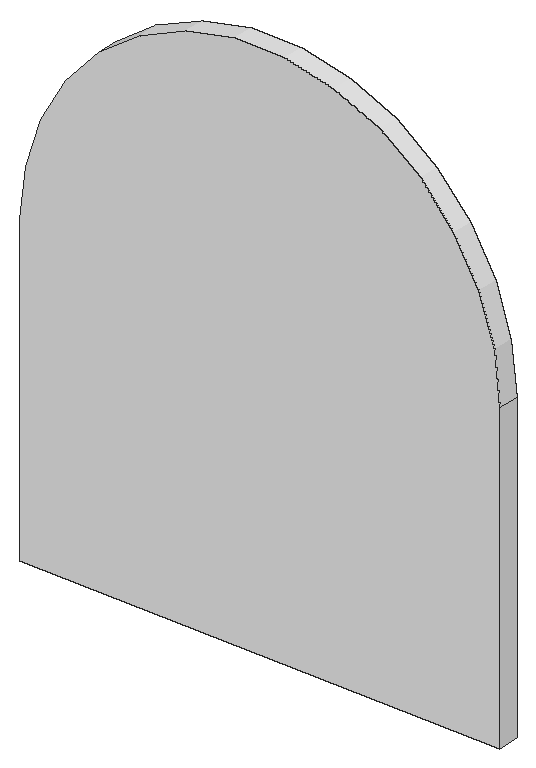
Revit family "Deca_Bacia Sanitária Convencional Link_P.23", category Plumbing Fixtures, host Face, Revit 2012
Parameters (values of type "AP.23_ Branco Gelo GE17")
  Vendido Separadamente = ""
  Variações de COR = " Branco (AP.23.17), Creme (AP.23.37), Ébano (AP.23.95)"
  URL = "www.deca.com.br/produtos"
  Segmento = "Luxo"
  Produto = "Assento Poliester Luxo*** - Fixação Cromada"
  Peso Liquido (Kg) = 3.8
  Norma = "Não se Aplica"
  Criado por = "Contino/quattroD"  # constant formula
  Assento Não = no
  Model = "AP.23.17"
  Material = "Deca_Poliéster e latão cromado"
  Manufacturer = "Deca"
  Louça/Metais = "Louça"
  Linha = "***LK, Omega, Carrara, Nuova, e Duna"
  Informações Complementares = ""
  Description = "Assento Poliester Luxo*** - Fixação Cromada"
  Código = "AP.23.17"
  Atendimento ao Cliente = "0800-0117073"
  Assento 3D = yes
  Assento = Deca GE17 Branco Gelo Poliester
  Assembly Code = "D2010100"
  Aprovado por = "Contino/quattroD"  # constant formula
  Acompanha o Produto = ""
  AP.60 = no
  AP.237 = no
  AP.23.230 = yes
Types (11, lengths in mm): name | Variações de COR | URL | Segmento | Produto | Peso Liquido (Kg) | Norma | Assento Não | Model | Material | Manufacturer | Louça/Metais | Linha | Description | Código | Atendimento ao Cliente | Assento 3D | Assento | Assembly Code | AP.60 | AP.237 | AP.23.230
  AP.60_ Branco Gelo GE17 | " Branco (AP.60.17), Creme (AP.60.37), Ébano (AP.60.95)" | "www.deca.com.br/produtos" | "Luxo" | "Assento Plástico Luxo***" | 1.06 | "Não se Aplica" | no | "AP.60.17" | "Deca_Polipropileno" | "Deca" | "Louça" | "***LK, Omega, Carrara, Nuova, e Duna" | "Assento Plástico Luxo***" | "AP.60.17" | "0800-0117073" | yes | Deca GE17 Branco Gelo Plástico | "D2010100" | yes | no | no
  AP.60_Creme CR37 | " Branco (AP.60.17), Creme (AP.60.37), Ébano (AP.60.95)" | "www.deca.com.br/produtos" | "Luxo" | "Assento Plástico Luxo***" | 1.06 | "Não se Aplica" | no | "AP.60.37" | "Deca_Polipropileno" | "Deca" | "Louça" | "***LK, Omega, Carrara, Nuova, e Duna" | "Assento Plástico Luxo***" | "AP.60.37" | "0800-0117073" | yes | Deca CR37 Creme Plástico | "D2010100" | yes | no | no
  AP.60_Ébano EB95 | "Branco (AP.60.17), Creme (AP.60.37), Ébano (AP.60.95)" | "www.deca.com.br/produtos" | "Luxo" | "Assento Plástico Luxo***" | 1.06 | "Não se Aplica" | no | "AP.60.95" | "Deca_Polipropileno" | "Deca" | "Louça" | "***LK, Omega, Carrara, Nuova, e Duna" | "Assento Plástico Luxo***" | "AP.60.95" | "0800-0117073" | yes | Deca EB95 Ébano Plástico | "D2010100" | yes | no | no
  AP.23_ Branco Gelo GE17 | " Branco (AP.23.17), Creme (AP.23.37), Ébano (AP.23.95)" | "www.deca.com.br/produtos" | "Luxo" | "Assento Poliester Luxo*** - Fixação Cromada" | 3.8 | "Não se Aplica" | no | "AP.23.17" | "Deca_Poliéster e latão cromado" | "Deca" | "Louça" | "***LK, Omega, Carrara, Nuova, e Duna" | "Assento Poliester Luxo*** - Fixação Cromada" | "AP.23.17" | "0800-0117073" | yes | Deca GE17 Branco Gelo Poliester | "D2010100" | no | no | yes
  AP.23_Creme CR37 | " Branco (AP.23.17), Creme (AP.23.37), Ébano (AP.23.95)" | "www.deca.com.br/produtos" | "Luxo" | "Assento Poliester Luxo*** - Fixação Cromada" | 3.8 | "Não se Aplica" | no | "AP.23.37" | "Deca_Poliéster e latão cromado" | "Deca" | "Louça" | "***LK, Omega, Carrara, Nuova, e Duna" | "Assento Poliester Luxo*** - Fixação Cromada" | "AP.23.37" | "0800-0117073" | yes | Deca CR37 Creme Poliester | "D2010100" | no | no | yes
  AP.23_Ébano EB95 | " Branco (AP.23.17), Creme (AP.23.37), Ébano (AP.23.95)" | "www.deca.com.br/produtos" | "Luxo" | "Assento Poliester Luxo*** - Fixação Cromada" | 3.8 | "Não se Aplica" | no | "AP.23.95" | "Deca_Poliéster e latão cromado" | "Deca" | "Louça" | "***LK, Omega, Carrara, Nuova, e Duna" | "Assento Poliester Luxo*** - Fixação Cromada" | "AP.23.95" | "0800-0117073" | yes | Deca EB95 Ébano Poliester | "D2010100" | no | no | yes
  AP.230_Ébano EB95 | " Branco (AP.230.17), Creme (AP.230.37), Ébano (AP.230.95)" | "www.deca.com.br/produtos" | "Luxo" | "Assento Poliester Luxo*** - Fixação Cromada" | 3.8 | "Não se Aplica" | no | "AP.230.95" | "Deca_Poliéster e latão dourado" | "Deca" | "Louça" | "***LK, Omega, Carrara, Nuova, e Duna" | "Assento Poliester Luxo*** - Fixação Dourada" | "AP.230.95" | "0800-0117073" | yes | Deca EB95 Ébano Poliester | "D2010100" | no | no | yes
  AP.230_Creme CR37 | " Branco (AP.230.17), Creme (AP.230.37), Ébano (AP.230.95)" | "www.deca.com.br/produtos" | "Luxo" | "Assento Poliester Luxo*** - Fixação Cromada" | 3.8 | "Não se Aplica" | no | "AP.230.37" | "Deca_Poliéster e latão dourado" | "Deca" | "Louça" | "***LK, Omega, Carrara, Nuova, e Duna" | "Assento Poliester Luxo*** - Fixação Dourada" | "AP.230.37" | "0800-0117073" | yes | Deca CR37 Creme Poliester | "D2010100" | no | no | yes
  AP.230_Branco Gelo GE17 | " Branco (AP.230.17), Creme (AP.230.37), Ébano (AP.230.95)" | "www.deca.com.br/produtos" | "Luxo" | "Assento Poliester Luxo*** - Fixação Cromada" | 3.8 | "Não se Aplica" | no | "AP.230.17" | "Deca_Poliéster e latão dourado" | "Deca" | "Louça" | "***LK, Omega, Carrara, Nuova, e Duna" | "Assento Poliester Luxo*** - Fixação Dourada" | "AP.230.17" | "0800-0117073" | yes | Deca GE17 Branco Gelo Poliester | "D2010100" | no | no | yes
  AP.237_Branco Gelo GE17 | " Branco (AP.237.17)" | "www.deca.com.br/produtos" | "Luxo" | "Assento Poliester Luxo*** - com Slow Close" | 4.4 | "Não se Aplica" | no | "AP.237.17" | "Deca_Poliéster " | "Deca" | "Louça" | "***LK, Omega, Carrara, Nuova, e Duna" | "Assento Poliester Luxo*** -com Slow Close" | "AP.237.17" | "0800-0117073" | yes | Deca GE17 Branco Gelo Poliester | "D2010100" | no | yes | no
  Assento Não | "" | 0 | "" | "" | 0 | "" | yes | "" | "" | 0 | "" | "" | "" | "" | "" | no | none | 0 | no | no | no
Reference planes
  plane 1 "Center (Front/Back)": y = 0
  plane 2: z = 0
  plane 3 "Center (Left/Right)": x = 0
  plane 4: x = 3.125
  plane 5: x = -0.469
  plane 6: x = -0.312
  plane 7: x = -78.312
Forms (mm)
  Extrusion 1, solid, material "Deca GE17 Branco Gelo Poliester" <- "Assento", visible <- "Assento 3D"
    sketch origin (0, -384.219, -161.25) x (1, 0, 0) y (0, 0, 1)
      loop
        line (170, 207.5) -> (170, 423.75)
        arc (170, 423.75) -> (0, 593.75) -> (-170, 423.75) r 170
        line (-170, 423.75) -> (-170, 207.5) -> (170, 207.5)
    from -405 to -390.219
Lines and regions (mm)
  Masking region 1, visible <- "AP.60"
    outline origin (-1148.271, 0, -363.283) x (1, 0, 0) y (0, 0, 1)
      loop
        line (979.741, 629.572) -> (979.737, 391.632)
        arc (979.737, 391.632) -> (982.787, 384.428) -> (990.082, 381.603) r 10.035
        line (990.082, 381.603) -> (997.594, 381.465)
        arc (997.594, 381.465) -> (1013.999, 378.597) -> (1030.505, 376.385) r 418.11
        line (1030.505, 376.385) -> (1053.346, 376.385) -> (1053.346, 349.072)
        arc (1053.346, 349.072) -> (1053.638, 348.365) -> (1054.346, 348.072) r 1
        line (1054.346, 348.072) -> (1084.946, 348.072)
        arc (1084.946, 348.072) -> (1085.653, 348.365) -> (1085.946, 349.072) r 1
        line (1085.946, 349.072) -> (1085.946, 378.472)
        arc (1085.946, 378.472) -> (1085.653, 379.179) -> (1084.946, 379.472) r 1
        line (1084.946, 379.472) -> (1079.146, 379.472) -> (1079.146, 383.283) -> (1143.896, 383.283) -> (1216.146, 383.283) -> (1216.146, 379.472) -> (1210.346, 379.472)
        arc (1210.346, 379.472) -> (1209.638, 379.179) -> (1209.346, 378.472) r 1
        line (1209.346, 378.472) -> (1209.346, 349.072)
        arc (1209.346, 349.072) -> (1209.638, 348.365) -> (1210.346, 348.072) r 1
        line (1210.346, 348.072) -> (1240.946, 348.072)
        arc (1240.946, 348.072) -> (1241.653, 348.365) -> (1241.946, 349.072) r 1
        line (1241.946, 349.072) -> (1241.946, 376.385) -> (1264.786, 376.385)
        arc (1264.786, 376.385) -> (1281.292, 378.597) -> (1297.698, 381.465) r 418.11
        line (1297.698, 381.465) -> (1305.209, 381.603)
        arc (1305.209, 381.603) -> (1312.505, 384.428) -> (1315.554, 391.632) r 10.035
        line (1315.554, 391.632) -> (1315.549, 630.173)
        arc (1315.549, 630.173) -> (1147.345, 797.476) -> (979.741, 629.572) r 167.905
  Masking region 2, visible <- "AP.23.230"
    outline origin (-1527.819, 0, -381.319) x (1, 0, 0) y (0, 0, 1)
      loop
        arc (1354.798, 428.032) -> (1356.26, 424.501) -> (1359.791, 423.038) r 4.994
        line (1359.791, 423.038) -> (1425.298, 423.038) -> (1425.298, 411.575) -> (1423.854, 411.575)
        arc (1423.854, 411.575) -> (1423.348, 411.437) -> (1422.981, 411.063) r 1
        arc (1422.981, 411.063) -> (1422.322, 409.426) -> (1422.098, 407.675) r 6.937
        arc (1422.098, 407.675) -> (1422.322, 405.924) -> (1422.981, 404.286) r 6.937
        arc (1422.981, 404.286) -> (1423.348, 403.912) -> (1423.854, 403.775) r 1
        line (1423.854, 403.775) -> (1425.298, 403.775) -> (1425.298, 401.775)
        arc (1425.298, 401.775) -> (1425.444, 401.421) -> (1425.798, 401.275) r 0.5
        line (1425.798, 401.275) -> (1438.798, 401.275)
        arc (1438.798, 401.275) -> (1439.151, 401.421) -> (1439.298, 401.775) r 0.5
        line (1439.298, 401.775) -> (1439.298, 378.675)
        arc (1439.298, 378.675) -> (1449.304, 368.675) -> (1459.327, 378.688) r 10
        line (1459.327, 378.688) -> (1459.311, 401.774)
        arc (1459.311, 401.774) -> (1459.458, 401.421) -> (1459.811, 401.275) r 0.5
        line (1459.811, 401.275) -> (1472.811, 401.275)
        arc (1472.811, 401.275) -> (1473.165, 401.421) -> (1473.311, 401.775) r 0.5
        line (1473.311, 401.775) -> (1473.311, 403.775) -> (1474.755, 403.775)
        arc (1474.755, 403.775) -> (1475.261, 403.912) -> (1475.627, 404.286) r 1
        arc (1475.627, 404.286) -> (1476.287, 405.924) -> (1476.511, 407.675) r 6.937
        arc (1476.511, 407.675) -> (1476.287, 409.426) -> (1475.627, 411.063) r 6.937
        arc (1475.627, 411.063) -> (1475.261, 411.437) -> (1474.755, 411.575) r 1
        line (1474.755, 411.575) -> (1473.311, 411.575) -> (1473.311, 423.038) -> (1581.388, 423.038) -> (1581.388, 411.575) -> (1579.945, 411.575)
        arc (1579.945, 411.575) -> (1579.439, 411.437) -> (1579.072, 411.063) r 1
        arc (1579.072, 411.063) -> (1578.413, 409.426) -> (1578.188, 407.675) r 6.937
        arc (1578.188, 407.675) -> (1578.413, 405.924) -> (1579.072, 404.286) r 6.937
        arc (1579.072, 404.286) -> (1579.439, 403.912) -> (1579.945, 403.775) r 1
        line (1579.945, 403.775) -> (1581.388, 403.775) -> (1581.388, 401.775)
        arc (1581.388, 401.775) -> (1581.535, 401.421) -> (1581.888, 401.275) r 0.5
        line (1581.888, 401.275) -> (1594.888, 401.275)
        arc (1594.888, 401.275) -> (1595.242, 401.421) -> (1595.404, 401.774) r 0.5
        line (1595.404, 401.774) -> (1595.402, 378.688)
        arc (1595.402, 378.688) -> (1605.395, 368.675) -> (1615.402, 378.675) r 10
        line (1615.402, 378.675) -> (1615.402, 401.775)
        arc (1615.402, 401.775) -> (1615.548, 401.421) -> (1615.902, 401.275) r 0.5
        line (1615.902, 401.275) -> (1628.902, 401.275)
        arc (1628.902, 401.275) -> (1629.256, 401.421) -> (1629.402, 401.775) r 0.5
        line (1629.402, 401.775) -> (1629.402, 403.775) -> (1630.846, 403.775)
        arc (1630.846, 403.775) -> (1631.351, 403.912) -> (1631.718, 404.286) r 1
        arc (1631.718, 404.286) -> (1632.377, 405.924) -> (1632.602, 407.675) r 6.937
        arc (1632.602, 407.675) -> (1632.377, 409.426) -> (1631.718, 411.063) r 6.937
        arc (1631.718, 411.063) -> (1631.351, 411.437) -> (1630.846, 411.575) r 1
        line (1630.846, 411.575) -> (1629.402, 411.575) -> (1629.402, 423.038) -> (1694.908, 423.038)
        arc (1694.908, 423.038) -> (1698.439, 424.501) -> (1699.902, 428.032) r 4.994
        line (1699.902, 428.032) -> (1699.902, 643.038)
        arc (1699.902, 643.038) -> (1527.35, 815.59) -> (1354.798, 643.038) r 172.552
        line (1354.798, 643.038) -> (1354.798, 428.032)
  Masking region 3, visible <- "AP.237"
    outline origin (-2298.464, 0, -383.575) x (1, 0, 0) y (0, 0, 1)
      loop
        line (2126.401, 644.445) -> (2126.401, 431.065)
        arc (2126.401, 431.065) -> (2127.571, 428.24) -> (2130.396, 427.07) r 3.995
        line (2130.396, 427.07) -> (2184.741, 427.07) -> (2184.741, 404.47) -> (2198.741, 404.47) -> (2198.741, 407.472) -> (2200.401, 407.472) -> (2200.401, 385.97)
        arc (2200.401, 385.97) -> (2220.151, 366.22) -> (2239.901, 385.97) r 19.75
        line (2239.901, 385.97) -> (2239.901, 409.072) -> (2242.651, 409.072) -> (2242.651, 406.07)
        arc (2242.651, 406.07) -> (2242.798, 405.716) -> (2243.151, 405.57) r 0.5
        line (2243.151, 405.57) -> (2256.651, 405.57) -> (2256.651, 427.07) -> (2339.651, 427.07) -> (2339.651, 406.07)
        arc (2339.651, 406.07) -> (2339.798, 405.716) -> (2340.151, 405.57) r 0.5
        line (2340.151, 405.57) -> (2352.988, 405.57)
        arc (2352.988, 405.57) -> (2353.421, 405.686) -> (2353.61, 406.092) r 0.53
        line (2353.61, 406.092) -> (2353.61, 408.124) -> (2354.401, 408.124) -> (2354.401, 406.87) -> (2356.401, 406.87) -> (2356.401, 385.97)
        arc (2356.401, 385.97) -> (2376.151, 366.22) -> (2395.901, 385.97) r 19.75
        line (2395.901, 385.97) -> (2395.901, 407.472) -> (2397.561, 407.472) -> (2397.561, 404.47) -> (2411.561, 404.47) -> (2411.561, 427.07) -> (2465.906, 427.07)
        arc (2465.906, 427.07) -> (2468.731, 428.24) -> (2469.901, 431.065) r 3.995
        line (2469.901, 431.065) -> (2469.901, 644.445)
        arc (2469.901, 644.445) -> (2419.597, 765.891) -> (2298.151, 816.195) r 171.75
        arc (2298.151, 816.195) -> (2176.706, 765.891) -> (2126.401, 644.445) r 171.75
  Masking region 4, visible <- "AP.60"
    outline origin (531.21, -419.36, 0) x (1, 0, 0) y (0, 1, 0)
      loop
        arc (-364.387, 425.36) -> (-363.618, 425.678) -> (-363.3, 426.447) r 1.087
        line (-363.3, 426.447) -> (-364.35, 438.445)
        arc (-364.35, 438.445) -> (-365.583, 441.35) -> (-368.29, 442.975) r 5.105
        line (-368.29, 442.975) -> (-694.131, 442.975)
        arc (-694.131, 442.975) -> (-696.837, 441.35) -> (-698.071, 438.445) r 5.105
        line (-698.071, 438.445) -> (-699.12, 426.447)
        arc (-699.12, 426.447) -> (-698.802, 425.678) -> (-698.033, 425.36) r 1.087
        line (-698.033, 425.36) -> (-364.387, 425.36)
  Masking region 5, visible <- "AP.23.230"
    outline origin (124.332, -421.311, 0) x (1, 0, 0) y (0, 1, 0)
      loop
        arc (-289.655, 464.511) -> (-293.785, 462.863) -> (-295.646, 458.825) r 6
        line (-295.646, 458.825) -> (-296.082, 450.511) -> (-124.332, 450.511) -> (47.418, 450.511) -> (46.982, 458.825)
        arc (46.982, 458.825) -> (45.121, 462.863) -> (40.99, 464.511) r 6
        line (40.99, 464.511) -> (-124.332, 464.511) -> (-289.655, 464.511)
  Masking region 6, visible <- "AP.23.230"
    outline origin (124.332, -421.311, 0) x (1, 0, 0) y (0, 1, 0)
      loop
        arc (-290.642, 443.084) -> (-294.684, 441.409) -> (-296.358, 437.367) r 5.716
        line (-296.358, 437.367) -> (-296.832, 428.327) -> (-124.332, 428.327) -> (48.168, 428.327) -> (47.694, 437.367)
        arc (47.694, 437.367) -> (46.02, 441.409) -> (41.978, 443.084) r 5.716
        line (41.978, 443.084) -> (-124.332, 443.084) -> (-290.642, 443.084)
  Masking region 7, visible <- "AP.237"
    outline origin (124.332, -421.711, 0) x (1, 0, 0) y (0, 1, 0)
      loop
        arc (-289.655, 464.511) -> (-293.785, 462.863) -> (-295.646, 458.825) r 6
        line (-295.646, 458.825) -> (-296.082, 450.511) -> (-124.332, 450.511) -> (47.418, 450.511) -> (46.982, 458.825)
        arc (46.982, 458.825) -> (45.121, 462.863) -> (40.99, 464.511) r 6
        line (40.99, 464.511) -> (-124.332, 464.511) -> (-289.655, 464.511)
  Masking region 8, visible <- "AP.237"
    outline origin (124.332, -421.711, 0) x (1, 0, 0) y (0, 1, 0)
      loop
        arc (-290.642, 443.084) -> (-294.684, 441.409) -> (-296.358, 437.367) r 5.716
        line (-296.358, 437.367) -> (-296.832, 428.327) -> (-124.332, 428.327) -> (48.168, 428.327) -> (47.694, 437.367)
        arc (47.694, 437.367) -> (46.02, 441.409) -> (41.978, 443.084) r 5.716
        line (41.978, 443.084) -> (-124.332, 443.084) -> (-290.642, 443.084)
  Masking region 9, visible <- "AP.60"
    outline origin (0, -573.16, -511.537) x (0, 0, -1) y (0, 1, 0)
      loop
        arc (-935.832, 612.015) -> (-941.038, 610.011) -> (-943.748, 605.134) r 8.178
        arc (-943.748, 605.134) -> (-943.774, 603.997) -> (-943.748, 602.86) r 24.786
        line (-943.748, 602.86) -> (-545.789, 602.86)
        arc (-545.789, 602.86) -> (-553.573, 598.413) -> (-562.402, 596.86) r 26.123
        line (-562.402, 596.86) -> (-938.826, 596.212)
        arc (-938.826, 596.212) -> (-942.475, 595.062) -> (-944.242, 591.667) r 5
        line (-944.242, 591.667) -> (-945.241, 580.247)
        arc (-945.241, 580.247) -> (-944.983, 579.484) -> (-944.245, 579.16) r 1
        line (-944.245, 579.16) -> (-530.075, 579.16)
        arc (-530.075, 579.16) -> (-529.565, 579.299) -> (-529.197, 579.68) r 1
        line (-529.197, 579.68) -> (-527.452, 586.192)
        arc (-527.452, 586.192) -> (-527.291, 585.473) -> (-527.237, 584.739) r 5
        line (-527.237, 584.739) -> (-527.237, 582.26) -> (-527.237, 574.16)
        arc (-527.237, 574.16) -> (-526.944, 573.452) -> (-526.237, 573.16) r 1
        line (-526.237, 573.16) -> (-496.837, 573.16)
        arc (-496.837, 573.16) -> (-496.13, 573.452) -> (-495.837, 574.16) r 1
        line (-495.837, 574.16) -> (-495.837, 582.26)
        arc (-495.837, 582.26) -> (-496.13, 582.967) -> (-496.837, 583.26) r 1
        line (-496.837, 583.26) -> (-516.252, 583.26)
        arc (-516.252, 583.26) -> (-516.979, 583.5) -> (-517.319, 584.187) r 0.994
        line (-517.319, 584.187) -> (-517.708, 590.279)
        arc (-517.708, 590.279) -> (-518.365, 592.981) -> (-519.906, 595.295) r 8.001
        line (-519.906, 595.295) -> (-524.101, 598.573)
        arc (-524.101, 598.573) -> (-524.817, 602.482) -> (-526.901, 605.866) r 10.777
        line (-526.901, 605.866) -> (-531.047, 611.788) -> (-531.047, 615.6)
        arc (-531.047, 615.6) -> (-532.272, 618.555) -> (-535.227, 619.78) r 4.179
        line (-535.227, 619.78) -> (-935.832, 612.015)
  Masking region 10, visible <- "AP.23.230"
    outline origin (0, -578.294, -1023.368) x (0, 0, -1) y (0, 1, 0)
      loop
        line (-1455.26, 615.808) -> (-1455.696, 607.494) -> (-1107.456, 607.494) -> (-1107.456, 605.494) -> (-1085.32, 605.108) -> (-1063.433, 604.726)
        arc (-1063.433, 604.726) -> (-1058.056, 602.445) -> (-1055.77, 597.071) r 7.8
        line (-1055.77, 597.071) -> (-1055.77, 593.117)
        arc (-1055.77, 593.117) -> (-1058.525, 587.311) -> (-1064.704, 585.544) r 7.8
        line (-1064.704, 585.544) -> (-1065.01, 594.31)
        arc (-1065.01, 594.31) -> (-1066.594, 598.166) -> (-1070.308, 600.059) r 6
        line (-1070.308, 600.059) -> (-1451.314, 600.059)
        arc (-1451.314, 600.059) -> (-1455.066, 598.233) -> (-1456.719, 594.403) r 6
        line (-1456.719, 594.403) -> (-1457.196, 585.31) -> (-1072.143, 585.31) -> (-1107.432, 584.694) -> (-1107.433, 582.694) -> (-1062.45, 582.694)
        arc (-1062.45, 582.694) -> (-1057.523, 583.587) -> (-1052.958, 585.645) r 20.546
        line (-1052.958, 585.645) -> (-1048.795, 588.049) -> (-1043.867, 582.694)
        arc (-1043.867, 582.694) -> (-1039.812, 579.66) -> (-1034.935, 578.294) r 13.796
        line (-1034.935, 578.294) -> (-1010.333, 578.294) -> (-1010.333, 580.119) -> (-1016.983, 580.236) -> (-1016.983, 592.011)
        arc (-1016.983, 592.011) -> (-1019.958, 593.713) -> (-1023.333, 594.311) r 10
        arc (-1023.333, 594.311) -> (-1026.708, 593.713) -> (-1029.683, 592.011) r 10
        line (-1029.683, 592.011) -> (-1029.683, 580.457) -> (-1034.081, 580.534)
        arc (-1034.081, 580.534) -> (-1041.483, 584.007) -> (-1043.82, 591.843) r 10
        arc (-1043.82, 591.843) -> (-1043.146, 596.733) -> (-1046.154, 600.649) r 6.4
        line (-1046.154, 600.649) -> (-1053.498, 604.852)
        arc (-1053.498, 604.852) -> (-1058.876, 606.968) -> (-1064.634, 607.458) r 20
        line (-1064.634, 607.458) -> (-1064.983, 615.703)
        arc (-1064.983, 615.703) -> (-1066.678, 619.795) -> (-1070.77, 621.494) r 5.787
        line (-1070.77, 621.494) -> (-1449.268, 621.494)
        arc (-1449.268, 621.494) -> (-1453.399, 619.846) -> (-1455.26, 615.808) r 6
  Masking region 11, visible <- "AP.60"
    outline origin (531.21, -419.36, 0) x (1, 0, 0) y (0, 1, 0)
      loop
        line (-364.754, 449.06) -> (-364.754, 450.784)
        arc (-364.754, 450.784) -> (-366.797, 456.121) -> (-371.882, 458.736) r 7.993
        arc (-371.882, 458.736) -> (-416.482, 462.2) -> (-461.154, 464.571) r 1828.328
        arc (-461.154, 464.571) -> (-496.15, 465.627) -> (-531.161, 465.937) r 1643.668
        arc (-531.161, 465.937) -> (-566.172, 465.627) -> (-601.169, 464.571) r 1643.668
        arc (-601.169, 464.571) -> (-645.942, 462.193) -> (-690.642, 458.718) r 1828.328
        arc (-690.642, 458.718) -> (-695.658, 456.082) -> (-697.667, 450.784) r 7.993
        line (-697.667, 450.784) -> (-697.667, 449.06) -> (-364.754, 449.06)
  Masking region 12, built-in parameter 1006206 <- "AP.237", visible <- "AP.237"
    outline origin (0, -588.758, -2030.037) x (0, 0, -1) y (0, 1, 0)
      loop
        line (-2071.721, 604.519) -> (-2071.407, 595.524)
        arc (-2071.407, 595.524) -> (-2069.519, 595.554) -> (-2067.711, 596.094) r 6.9
        arc (-2067.711, 596.094) -> (-2069.643, 600.288) -> (-2070.305, 604.858) r 16.1
        arc (-2070.305, 604.858) -> (-2069.492, 609.559) -> (-2067.148, 613.714) r 14
        arc (-2067.148, 613.714) -> (-2069.358, 614.404) -> (-2071.672, 614.512) r 9.072
        line (-2071.672, 614.512) -> (-2114.385, 615.257) -> (-2114.385, 617.312) -> (-2462.402, 617.312) -> (-2461.981, 625.339)
        arc (-2461.981, 625.339) -> (-2459.92, 629.66) -> (-2455.408, 631.258) r 6.255
        line (-2455.408, 631.258) -> (-2077.688, 631.258)
        arc (-2077.688, 631.258) -> (-2073.52, 629.574) -> (-2071.692, 625.467) r 6
        line (-2071.692, 625.467) -> (-2071.404, 617.233)
        arc (-2071.404, 617.233) -> (-2067.834, 617.092) -> (-2064.346, 616.318) r 20
        arc (-2064.346, 616.318) -> (-2047.842, 616.01) -> (-2043.103, 600.197) r 14
        arc (-2043.103, 600.197) -> (-2042.252, 593.874) -> (-2036.625, 590.868) r 7
        line (-2036.625, 590.868) -> (-2036.655, 597.984)
        arc (-2036.655, 597.984) -> (-2036.548, 598.434) -> (-2036.25, 598.788) r 1
        arc (-2036.25, 598.788) -> (-2030.304, 600.75) -> (-2024.357, 598.788) r 9.992
        arc (-2024.357, 598.788) -> (-2024.047, 598.407) -> (-2023.955, 597.925) r 0.998
        line (-2023.955, 597.925) -> (-2023.955, 590.647) -> (-2010.562, 590.413) -> (-2010.562, 588.758) -> (-2054.205, 588.758)
        arc (-2054.205, 588.758) -> (-2060.253, 589.937) -> (-2065.414, 593.301) r 16.1
        arc (-2065.414, 593.301) -> (-2067.997, 592.832) -> (-2070.619, 592.706) r 20
        line (-2070.619, 592.706) -> (-2114.612, 593.473) -> (-2114.579, 595.374) -> (-2463.907, 595.374) -> (-2463.444, 604.2)
        arc (-2463.444, 604.2) -> (-2461.533, 608.661) -> (-2456.946, 610.249) r 6
        line (-2456.946, 610.249) -> (-2077.6, 610.249)
        arc (-2077.6, 610.249) -> (-2073.52, 608.603) -> (-2071.724, 604.587) r 5.88
  symbolic lines, visible <- "AP.60"
    curve 1: arc (102.08, 0, 14.11) -> (102.319, 0, 13.453) -> (102.926, 0, 13.103) r 1.023
    curve 2: arc (101.475, 0, 14.04) -> (101.2, 0, 13.377) -> (100.537, 0, 13.103) r 0.938
    curve 3: line (88.975, 0, 16.189) -> (86.875, 0, 16.189)
    curve 4: line (86.875, 0, 16.189) -> (86.875, 0, 7.261)
    curve 5: arc (86.875, 0, 7.261) -> (86.58, 0, 6.549) -> (85.868, 0, 6.254) r 1.007
    curve 6: line (85.868, 0, 6.254) -> (68.893, 0, 6.254)
    curve 7: arc (68.893, 0, 6.254) -> (68.211, 0, 6.515) -> (67.878, 0, 7.164) r 1.021
    curve 8: line (67.878, 0, 7.164) -> (67.878, 0, 16.277)
    curve 64: arc (0, 35.516, 19.511) -> (0, 34.264, 17.137) -> (0, 32.462, 15.149) r 10.708
    curve 65: arc (0, 20.805, 13.812) -> (0, 23.049, 12.967) -> (0, 25.413, 12.565) r 12.515
    curve 66: line (0, 20.805, 13.812) -> (0, 13.032, 15.916)
    curve 67: line (0, 10.1, 4.715) -> (0, 10.1, 14.7)
    curve 68: arc (0, 10.1, 14.7) -> (0, 9.807, 15.407) -> (0, 9.1, 15.7) r 1
    curve 77: line (88.975, 0, 14.095) -> (88.975, 0, 20)
    curve 78: arc (88.975, 0, 14.095) -> (89.266, 0, 13.393) -> (89.968, 0, 13.103) r 0.993
    curve 79: line (93.675, 0, 13.103) -> (89.968, 0, 13.103)
    curve 80: line (101.475, 0, 14.04) -> (101.475, 0, 20)
    curve 81: line (102.08, 0, 14.11) -> (102.08, 0, 20)
    curve 82: arc (-103.327, 0, 14.11) -> (-103.566, 0, 13.453) -> (-104.173, 0, 13.103) r 1.023
    curve 83: arc (-102.722, 0, 14.04) -> (-102.447, 0, 13.377) -> (-101.784, 0, 13.103) r 0.938
    curve 84: line (-90.222, 0, 16.189) -> (-88.122, 0, 16.189)
    curve 85: line (-88.122, 0, 16.189) -> (-88.122, 0, 7.261)
    curve 86: arc (-88.122, 0, 7.261) -> (-87.827, 0, 6.549) -> (-87.115, 0, 6.254) r 1.007
    curve 87: line (-87.115, 0, 6.254) -> (-70.14, 0, 6.254)
    curve 88: arc (-70.14, 0, 6.254) -> (-69.458, 0, 6.515) -> (-69.125, 0, 7.164) r 1.021
    curve 89: line (-69.125, 0, 7.164) -> (-69.125, 0, 16.277)
    curve 90: line (-90.222, 0, 14.095) -> (-90.222, 0, 20)
    curve 91: arc (-90.222, 0, 14.095) -> (-90.513, 0, 13.393) -> (-91.215, 0, 13.103) r 0.993
    curve 92: line (-94.922, 0, 13.103) -> (-91.215, 0, 13.103)
    curve 93: line (-102.722, 0, 14.04) -> (-102.722, 0, 20)
    curve 94: line (-103.327, 0, 14.11) -> (-103.327, 0, 20)
    curve 95: line (0, 29.7, 19.511) -> (0, 38.628, 19.511)
    curve 96: line (0, 29.7, 19.511) -> (0, 29.7, 34.253)
    curve 97: line (-69.125, 0, 20) -> (-164.065, 0, 20)
    curve 98: line (67.875, 0, 20) -> (162.815, 0, 20)
  symbolic lines, visible <- "AP.23.230"
    curve 9: line (-102.521, 0, 41.719) -> (-54.507, 0, 41.719)
    curve 10: line (-88.521, 0, 20.744) -> (-88.521, 0, 41.719)
    curve 11: line (-68.523, 0, 20.455) -> (-68.523, 0, 41.719)
    curve 12: line (-88.521, 0, 30.754) -> (-68.523, 0, 30.754)
    curve 13: line (-54.507, 0, 22.455) -> (-54.507, 0, 30.255)
    curve 14: line (-88.021, 0, -2.653) -> (-88.021, 0, 30.754)
    curve 15: line (-69.021, 0, 30.754) -> (-69.021, 0, -2.653)
    curve 16: arc (-88.021, 0, -2.653) -> (-78.521, 0, -12.153) -> (-69.021, 0, -2.653) r 9.5
    curve 17: line (-88.021, 0, 22.022) -> (-69.021, 0, 22.022)
    curve 18: line (-88.021, 0, 20.777) -> (-69.021, 0, 20.777)
    curve 19: line (-88.021, 0, 11.103) -> (-69.021, 0, 11.103)
    curve 20: arc (-84.454, 0, 0.372) -> (-78.523, 0, 6.309) -> (-72.579, 0, 0.385) r 5.938
    curve 21: arc (-84.454, 0, 0.372) -> (-78.509, 0, -5.566) -> (-72.579, 0, 0.385) r 5.938
    curve 22: line (-102.521, 0, 30.255) -> (-102.521, 0, 22.455)
    curve 23: line (101.583, 0, 41.719) -> (53.57, 0, 41.719)
    curve 24: line (87.583, 0, 20.455) -> (87.583, 0, 41.719)
    curve 25: line (67.585, 0, 20.075) -> (67.585, 0, 41.719)
    curve 26: line (87.583, 0, 30.754) -> (67.585, 0, 30.754)
    curve 27: line (53.57, 0, 22.455) -> (53.57, 0, 30.255)
    curve 28: line (87.083, 0, -2.653) -> (87.083, 0, 30.754)
    curve 29: line (68.083, 0, 30.754) -> (68.083, 0, -2.653)
    curve 30: arc (87.083, 0, -2.653) -> (77.583, 0, -12.153) -> (68.083, 0, -2.653) r 9.5
    curve 31: line (87.083, 0, 22.022) -> (68.083, 0, 22.022)
    curve 32: line (87.083, 0, 20.777) -> (68.083, 0, 20.777)
    curve 33: line (87.083, 0, 11.103) -> (68.083, 0, 11.103)
    curve 34: arc (83.516, 0, 0.385) -> (77.579, 0, 6.309) -> (71.641, 0, 0.385) r 5.938
    curve 35: arc (83.516, 0, 0.385) -> (77.579, 0, -5.566) -> (71.641, 0, 0.385) r 5.938
    curve 36: line (101.583, 0, 30.255) -> (101.583, 0, 22.455)
    curve 69: arc (0, 22.355, 22.785) -> (0, 22.426, 28.991) -> (0, 17.241, 32.402) r 6.47
    curve 70: arc (0, 16.8, 22.064) -> (0, 20.629, 25.893) -> (0, 16.8, 29.722) r 3.829
    curve 71: arc (0, 16.8, 29.722) -> (0, 12.971, 25.893) -> (0, 16.8, 22.064) r 3.829
    curve 72: arc (0, 13.549, 20.451) -> (0, 11.32, 22.686) -> (0, 9.755, 25.426) r 11.943
    curve 73: line (0, 1.942, -6.386) -> (0, 2.163, 6.314)
    curve 74: line (0, 0, -6.352) -> (0, 0, 6.352)
    curve 75: line (0, 29.2, 41.266) -> (0, 29.2, 84.088)
    curve 76: line (0, 7.25, 41.336) -> (0, 7.016, 48.774)
  symbolic lines, visible <- "AP.237"
    curve 37: line (-113.723, 0, 43.495) -> (-41.812, 0, 43.495)
    curve 38: line (-99.723, 0, 23.896) -> (-99.723, 0, 43.495)
    curve 39: line (-98.062, 0, 23.896) -> (-98.062, 0, 41.895)
    curve 40: line (-99.723, 0, 34.096) -> (-98.062, 0, 34.096)
    curve 41: arc (-98.062, 0, 41.895) -> (-97.916, 0, 42.248) -> (-97.562, 0, 42.395) r 0.5
    curve 42: line (-97.562, 0, 42.395) -> (-59.062, 0, 42.395)
    curve 43: arc (-59.062, 0, 42.395) -> (-58.709, 0, 42.248) -> (-58.562, 0, 41.895) r 0.5
    curve 44: line (-58.562, 0, 41.895) -> (-58.562, 0, 14.895)
    curve 45: line (-58.562, 0, 32.496) -> (-55.812, 0, 32.496)
    curve 46: line (-55.812, 0, 43.495) -> (-55.812, 0, 25.496)
    curve 47: line (58.438, 0, 42.395) -> (96.769, 0, 42.395)
    curve 48: arc (57.938, 0, 41.895) -> (58.084, 0, 42.248) -> (58.438, 0, 42.395) r 0.5
    curve 49: line (57.938, 0, 41.895) -> (57.938, 0, 14.895)
    curve 50: line (55.938, 0, 33.495) -> (57.938, 0, 33.495)
    curve 51: line (55.938, 0, 24.548) -> (55.938, 0, 33.495)
    curve 52: line (55.146, 0, 43.495) -> (55.146, 0, 24.548)
    curve 53: line (99.098, 0, 21.395) -> (99.098, 0, 43.495)
    curve 54: line (97.438, 0, 31.895) -> (99.098, 0, 31.895)
    curve 55: line (97.438, 0, 41.895) -> (97.438, 0, 14.895)
    curve 56: line (57.938, 0, 41.895) -> (57.938, 0, 14.895)
    curve 57: line (41.188, 0, 43.495) -> (113.098, 0, 43.495)
    curve 58: arc (97.438, 0, 41.895) -> (97.164, 0, 42.263) -> (96.723, 0, 42.395) r 0.727
    curve 59: line (55.938, 0, 32.75) -> (55.146, 0, 32.75)
    curve 60: arc (-72.489, 0, 2.416) -> (-78.862, 0, 8.744) -> (-85.145, 0, 2.326) r 6.328
    curve 61: arc (-72.494, 0, 2.158) -> (-80.721, 0, -3.619) -> (-84.144, 0, 5.833) r 6.328
    curve 62: arc (84.066, 0, 2.416) -> (77.737, 0, 8.745) -> (71.409, 0, 2.416) r 6.328
    curve 63: arc (84.066, 0, 2.416) -> (77.737, 0, -3.912) -> (71.409, 0, 2.416) r 6.328
  symbolic lines, built-in parameter 1006206 <- "AP.237", visible <- "AP.237"
    curve 99: arc (0, 14.813, 33.657) -> (0, 20.927, 32.008) -> (0, 23.6, 26.268) r 7.5
    curve 100: arc (0, 23.6, 26.268) -> (0, 17.529, 18.905) -> (0, 9.145, 23.462) r 7.5
    curve 101: line (0, 4.543, 35.377) -> (0, 9.145, 23.462)
    curve 102: arc (0, 14.799, 33.736) -> (0, 9.897, 34.721) -> (0, 6.948, 38.759) r 6.9
    curve 103: arc (0, 27.56, 34.309) -> (0, 25.963, 36.131) -> (0, 24.141, 37.728) r 18.442
    curve 104: line (0, 1.889, -6.082) -> (0, 2.11, 6.588)
    curve 105: line (0, 28.475, 41.367) -> (0, 28.554, 84.347)
    curve 106: line (0, 6.766, 41.37) -> (0, 6.616, 84.542)
    curve 107: circle (0, 16.054, 26.533) r 3.85 normal (-1, 0, 0)
  symbolic lines, visible <- "Assento Não"
    curve 108: arc (-128.651, 0, 269.842) -> (-88.328, 0, 355.401) -> (0.026, 0, 389.161) r 126.644
    curve 109: line (-128.651, 0, 269.842) -> (-128.651, 0, 141.313)
    curve 110: arc (128.859, 0, 266.256) -> (89.688, 0, 354.171) -> (0.026, 0, 389.161) r 126.644
    curve 111: line (128.859, 0, 266.256) -> (128.859, 0, 138.318)
    curve 112: arc (-128.651, 0, 141.313) -> (-111.022, 0, 97.4) -> (-67.923, 0, 77.865) r 63.51
    curve 113: line (-67.923, 0, 77.865) -> (68.203, 0, 77.865)
    curve 114: arc (128.859, 0, 138.318) -> (110.253, 0, 96.33) -> (68.203, 0, 77.865) r 63.51
    curve 115: circle (-70.51, 0, 0.02) r 7.993 normal (0, -1, 0)
    curve 116: arc (-22.899, 0, 155.946) -> (-19.773, 0, 159.293) -> (-15.929, 0, 161.781) r 18.734
    curve 117: arc (-15.929, 0, 161.781) -> (-1.6, 0, 165.434) -> (13.01, 0, 163.152) r 36.801
    curve 118: arc (-22.972, 0, 155.994) -> (-36.157, 0, 127.343) -> (-40.394, 0, 96.09) r 106.736
    curve 119: arc (23.237, 0, 156.067) -> (18.729, 0, 160.483) -> (13.01, 0, 163.152) r 18.734
    curve 120: arc (23.237, 0, 156.067) -> (36.458, 0, 127.385) -> (40.706, 0, 96.09) r 106.736
    curve 121: circle (69.495, 0, 0.02) r 7.993 normal (0, 1, 0)
    curve 122: arc (0, 0, 370.771) -> (-78.403, 0, 338.296) -> (-110.879, 0, 259.892) r 110.879
    curve 123: line (-110.879, 0, 259.892) -> (-110.879, 0, 142.444)
    curve 124: arc (-110.879, 0, 142.444) -> (-97.302, 0, 109.667) -> (-64.525, 0, 96.09) r 46.354
    curve 125: line (-64.525, 0, 96.09) -> (0, 0, 96.09)
    curve 126: arc (0, 0, 370.771) -> (78.403, 0, 338.296) -> (110.879, 0, 259.892) r 110.879
    curve 127: line (110.879, 0, 259.892) -> (110.879, 0, 142.444)
    curve 128: arc (110.879, 0, 142.444) -> (97.302, 0, 109.667) -> (64.525, 0, 96.09) r 46.354
    curve 129: line (64.525, 0, 96.09) -> (0, 0, 96.09)
Types in the file's own list only (2): name | WFU | Vendido Separadamente | Variações de COR | Raio Água Fria | Raio Ponto de Esgoto | Produto | Pressão | Peso Liquido (Kg) | Norma | Model | Material | Linha | Flow Pressure | Diâmetro Água Fria | Diâmetro Ponto de Esgoto | Description | Default Elevation | Código | Consumo | CWFU | Bacia | Atendimento ao Cliente
  P.23_Branco Gelo GE17 | 0 | "Anel de vedação: (AV.90.01 ).Tubo de ligação com anel expansor: Cromado (1968.C), Branco (1968.E.BR), Dourado (1968.D).Parafuso de fixação: Cromado (SP.13.01) e Dourado (SP.130.03).Assentos Compatíveis:Assento Poliéster com fixação cromada: Branco (AP.23.17), Ébano (AP.23.95);Assento Poliéster com fixação dourada: Branco (AP.230.17), Ébano (AP.230.95);Assento termofixo Slowclose e Easy Clen: Branco (AP.236.17), Ébano (AP.236.95);Assento Poliéster Slow Close: Branco (AP.237.17)." | "Branco (P.23.17); Ébano (P.23.95)." | 20 mm | 50 mm | "Bacia sanitária convencional LK" | "2 a 40 mca" | 32 | "ABNT NBR 15097-1: 2011 / ABNT NBR 15097-2: 2011" | "P.23.17" | "Deca_Vitreous China" | "LK" | 0.00 psi | 40 mm | 100 mm | "Bacia sanitária convencional" | 0 mm | "P.23.17" | "6lpf" | 0 | Deca GE17 Branco Gelo Cerâmica | "0800-011-7073"
  P.23_Ébano EB95 | 0 | "Anel de vedação: (AV.90.01 ).Tubo de ligação com anel expansor: Cromado (1968.C), Branco (1968.E.BR), Dourado (1968.D).Parafuso de fixação: Cromado (SP.13.01) e Dourado (SP.130.03).Assentos Compatíveis:Assento Poliéster com fixação cromada: Branco (AP.23.17), Ébano (AP.23.95);Assento Poliéster com fixação dourada: Branco (AP.230.17), Ébano (AP.230.95);Assento termofixo Slowclose e Easy Clen: Branco (AP.236.17), Ébano (AP.236.95);Assento Poliéster Slow Close: Branco (AP.237.17)." | "Branco (P.23.17); Ébano (P.23.95)." | 20 mm | 50 mm | "Bacia sanitária convencional LK" | "2 a 40 mca" | 32 | "ABNT NBR 15097-1: 2011 / ABNT NBR 15097-2: 2011" | "P.23.95" | "Deca_Vitreous China" | "LK" | 0.00 psi | 40 mm | 100 mm | "Bacia sanitária convencional" | 0 mm | "P.23.95" | "6lpf" | 0 | Deca EB95 Ébano Cerâmica | "0800-011-7073"
